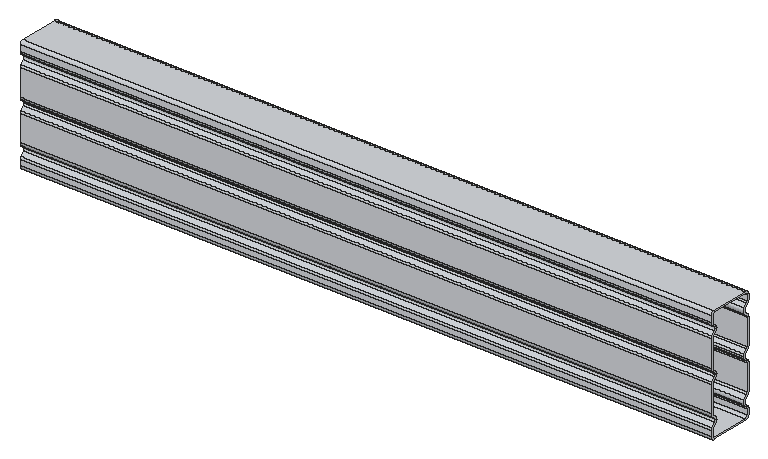
Revit family "SF_TubestOne", category Structural Framing, Revit 2022
Family settings
  Section Shape = Not Defined
  Material for Model Behavior = Other
  Always export as geometry = No
  OmniClass Number = 23.25.30.11.14.14
  OmniClass Title = Beams
  Always vertical = Yes
  Cut with Voids When Loaded = No
  Symbolic Representation = From Family
  Shared = No
  Show family pre-cut in plan views = Yes
Parameters (values of type "TUBEST O 500x200x5")
  h2 = 25 mm
  e = 5 mm
  R = 10 mm
  H = 500 mm
  D = 20 mm
  B = 200 mm
  URL = ""
  Type Comments = ""
  Structural Material [instance] = ASTM A36
  Model = ""
  Manufacturer = ""
  Length [instance] = 3000 mm
  Keynote = ""
  Description = ""
  Assembly Code = ""
Types (10, lengths in mm): name | e | H | B
  TUBEST O 500x200x5 | 5 | 500 | 200
  TUBEST O 500x200x4 | 4 | 500 | 200
  TUBEST O 450x200x4 | 4 | 450 | 200
  TUBEST O 450x150x4 | 4 | 450 | 150
  TUBEST O 400x200x4 | 4 | 400 | 200
  TUBEST O 400x150x4 | 4 | 400 | 150
  TUBEST O 350x200x4 | 4 | 350 | 200
  TUBEST O 350x150x4 | 4 | 350 | 150
  TUBEST O 300x200x4 | 4 | 300 | 200
  TUBEST O 300x150x4 | 4 | 300 | 150
Reference planes
  plane 1 "Center (Front/Back)": y = 0
  plane 2 "Center Elevation": z = 0
  plane 3 "Center (Left/Right)": x = 0
  plane 4 "Left": x = -1500
  plane 5 "Member Left": x = -1250
  plane 6 "Stick Symbol Left": x = -1000
  plane 7 "Right": x = 1500
  plane 8 "Member Right": x = 1250
  plane 9 "Stick Symbol Right": x = 1000
Forms (mm)
  Sweep 1, solid
    path origin (0, 0, 0) x (1, 0, 0) y (0, 1, 0)
      loop
        line (-1500, 0) -> (1500, 0)
    profile "TubestOne : TubestOne" origin (0, 0, 0) x (0, 1, 0) y (0, 0, 1)
      loop
        line (100, 31.82) -> (100, 146.36)
        arc (100, 146.36) -> (98.858, 152.101) -> (95.607, 156.967) r 15
        line (95.607, 156.967) -> (81.464, 171.109)
        arc (81.464, 171.109) -> (78.536, 178.18) -> (81.464, 185.251) r 10
        line (81.464, 185.251) -> (95.607, 199.393)
        arc (95.607, 199.393) -> (98.858, 204.26) -> (100, 210) r 15
        line (100, 210) -> (100, 235)
        arc (100, 235) -> (95.607, 245.607) -> (85, 250) r 15
        line (85, 250) -> (0, 250) -> (-85, 250)
        arc (-85, 250) -> (-95.607, 245.607) -> (-100, 235) r 15
        line (-100, 235) -> (-100, 210)
        arc (-100, 210) -> (-98.858, 204.26) -> (-95.607, 199.393) r 15
        line (-95.607, 199.393) -> (-81.464, 185.251)
        arc (-81.464, 185.251) -> (-78.536, 178.18) -> (-81.464, 171.109) r 10
        line (-81.464, 171.109) -> (-95.607, 156.967)
        arc (-95.607, 156.967) -> (-98.858, 152.101) -> (-100, 146.36) r 15
        line (-100, 146.36) -> (-100, 31.82)
        arc (-100, 31.82) -> (-98.858, 26.08) -> (-95.607, 21.213) r 15
        line (-95.607, 21.213) -> (-81.464, 7.071)
        arc (-81.464, 7.071) -> (-79.297, 3.827) -> (-78.536, 0) r 10
        arc (-78.536, 0) -> (-79.297, -3.827) -> (-81.464, -7.071) r 10
        line (-81.464, -7.071) -> (-95.607, -21.213)
        arc (-95.607, -21.213) -> (-98.858, -26.08) -> (-100, -31.82) r 15
        line (-100, -31.82) -> (-100, -146.36)
        arc (-100, -146.36) -> (-98.858, -152.101) -> (-95.607, -156.967) r 15
        line (-95.607, -156.967) -> (-81.464, -171.109)
        arc (-81.464, -171.109) -> (-78.536, -178.18) -> (-81.464, -185.251) r 10
        line (-81.464, -185.251) -> (-95.607, -199.393)
        arc (-95.607, -199.393) -> (-98.858, -204.26) -> (-100, -210) r 15
        line (-100, -210) -> (-100, -235)
        arc (-100, -235) -> (-95.607, -245.607) -> (-85, -250) r 15
        line (-85, -250) -> (0, -250) -> (85, -250)
        arc (85, -250) -> (95.607, -245.607) -> (100, -235) r 15
        line (100, -235) -> (100, -210)
        arc (100, -210) -> (98.858, -204.26) -> (95.607, -199.393) r 15
        line (95.607, -199.393) -> (81.464, -185.251)
        arc (81.464, -185.251) -> (78.536, -178.18) -> (81.464, -171.109) r 10
        line (81.464, -171.109) -> (95.607, -156.967)
        arc (95.607, -156.967) -> (98.858, -152.101) -> (100, -146.36) r 15
        line (100, -146.36) -> (100, -31.82)
        arc (100, -31.82) -> (98.858, -26.08) -> (95.607, -21.213) r 15
        line (95.607, -21.213) -> (81.464, -7.071)
        arc (81.464, -7.071) -> (79.297, -3.827) -> (78.536, 0) r 10
        arc (78.536, 0) -> (79.297, 3.827) -> (81.464, 7.071) r 10
        line (81.464, 7.071) -> (95.607, 21.213)
        arc (95.607, 21.213) -> (98.858, 26.08) -> (100, 31.82) r 15
      loop
        line (95, 31.82) -> (95, 146.36)
        arc (95, 146.36) -> (94.239, 150.187) -> (92.071, 153.431) r 10
        line (92.071, 153.431) -> (77.929, 167.574)
        arc (77.929, 167.574) -> (73.536, 178.18) -> (77.929, 188.787) r 15
        line (77.929, 188.787) -> (92.071, 202.929)
        arc (92.071, 202.929) -> (94.239, 206.173) -> (95, 210) r 10
        line (95, 210) -> (95, 235)
        arc (95, 235) -> (92.071, 242.071) -> (85, 245) r 10
        line (85, 245) -> (0, 245) -> (-85, 245)
        arc (-85, 245) -> (-92.071, 242.071) -> (-95, 235) r 10
        line (-95, 235) -> (-95, 210)
        arc (-95, 210) -> (-94.239, 206.173) -> (-92.071, 202.929) r 10
        line (-92.071, 202.929) -> (-77.929, 188.787)
        arc (-77.929, 188.787) -> (-73.536, 178.18) -> (-77.929, 167.574) r 15
        line (-77.929, 167.574) -> (-92.071, 153.431)
        arc (-92.071, 153.431) -> (-94.239, 150.187) -> (-95, 146.36) r 10
        line (-95, 146.36) -> (-95, 31.82)
        arc (-95, 31.82) -> (-94.239, 27.993) -> (-92.071, 24.749) r 10
        line (-92.071, 24.749) -> (-77.929, 10.607)
        arc (-77.929, 10.607) -> (-74.677, 5.74) -> (-73.536, 0) r 15
        arc (-73.536, 0) -> (-74.677, -5.74) -> (-77.929, -10.607) r 15
        line (-77.929, -10.607) -> (-92.071, -24.749)
        arc (-92.071, -24.749) -> (-94.239, -27.993) -> (-95, -31.82) r 10
        line (-95, -31.82) -> (-95, -146.36)
        arc (-95, -146.36) -> (-94.239, -150.187) -> (-92.071, -153.431) r 10
        line (-92.071, -153.431) -> (-77.929, -167.574)
        arc (-77.929, -167.574) -> (-73.536, -178.18) -> (-77.929, -188.787) r 15
        line (-77.929, -188.787) -> (-92.071, -202.929)
        arc (-92.071, -202.929) -> (-94.239, -206.173) -> (-95, -210) r 10
        line (-95, -210) -> (-95, -235)
        arc (-95, -235) -> (-92.071, -242.071) -> (-85, -245) r 10
        line (-85, -245) -> (0, -245) -> (85, -245)
        arc (85, -245) -> (92.071, -242.071) -> (95, -235) r 10
        line (95, -235) -> (95, -210)
        arc (95, -210) -> (94.239, -206.173) -> (92.071, -202.929) r 10
        line (92.071, -202.929) -> (77.929, -188.787)
        arc (77.929, -188.787) -> (73.536, -178.18) -> (77.929, -167.574) r 15
        line (77.929, -167.574) -> (92.071, -153.431)
        arc (92.071, -153.431) -> (94.239, -150.187) -> (95, -146.36) r 10
        line (95, -146.36) -> (95, -31.82)
        arc (95, -31.82) -> (94.239, -27.993) -> (92.071, -24.749) r 10
        line (92.071, -24.749) -> (77.929, -10.607)
        arc (77.929, -10.607) -> (74.677, -5.74) -> (73.536, 0) r 15
        arc (73.536, 0) -> (74.677, 5.74) -> (77.929, 10.607) r 15
        line (77.929, 10.607) -> (92.071, 24.749)
        arc (92.071, 24.749) -> (94.239, 27.993) -> (95, 31.82) r 10
Dimensions and locks
  equal spacing: plane 4 "Left", plane 3 "Center (Left/Right)", plane 7 "Right"
  "Length": plane 4 "Left" to plane 7 "Right"
  aligned and locked: level to plane 2 "Center Elevation"
Automatic sketch dimensions
  Sweep 1 sketch curve to plane 4 "Left" = 0 mm
  Sweep 1 sketch curve to plane 7 "Right" = 0 mm
  plane 1 "Center (Front/Back)" to Sweep 1 sketch curve = 0 mm
